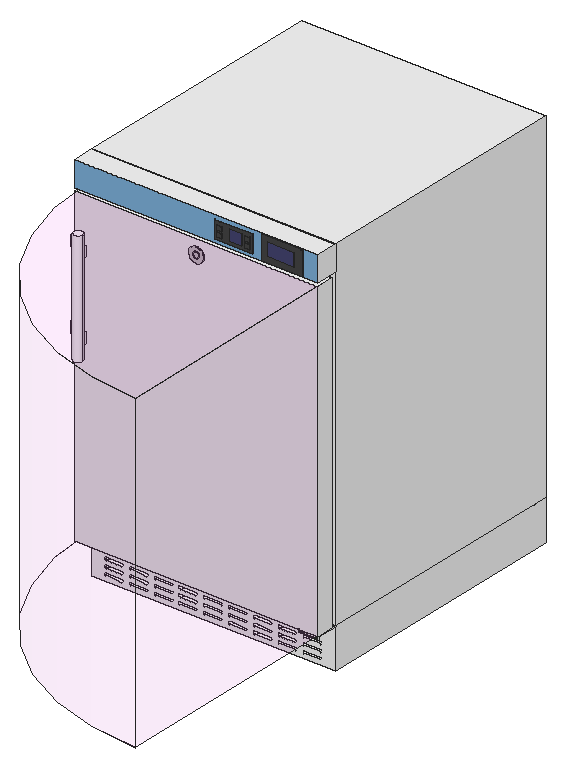
Revit family "QF_Summit_ACF33L_Built_In_Undercounter_Frost_Freezer", category Specialty Equipment, Revit 2020
Family settings
  Round Connector Dimension = Use Diameter
  Part Type = Normal
  Work Plane-Based = No
  Always vertical = Yes
  Cut with Voids When Loaded = No
  Shared = No
  Room Calculation Point = No
Parameters
  Weight in Pounds = 81
  Watts = Volts * FL Amps  # 230 W
  Volts = 115 V
  URL Cutsheet = ""
  Specification by User = ""
  Specification by Manufacturer = ""
  Serial Number = ""
  Seismic Rating = ""
  SMACNA No = ""
  Revision Code = ""
  Refrigerant Volume = 0.00 kip
  Refrigerant Type = "R600a"
  Phase = 1
  Number of Poles = 1
  NAFEM Spec ID Number = ""
  Model = "ACF33L"
  Min Ckt Ampacity = 0 A
  Max Overcurrent Protection = 0 A
  Masterspec = ""
  Manufacturer = "Summit"
  Length = 19 1/2"
  Item Number = ""
  Installed By = ""
  Identify Quantity as Lot = yes
  Height = 31.38"
  HP = ""
  Furnished By = ""
  Foodservice Equipment Identifier = yes
  FL Amps = 2 A
  Electrical Remarks = ""
  Electric Connection Type = ""
  Elec Conn RI Height = 0"
  Elec Conn Connection Height = 0"
  Description = "Built In Undercounter Frost Freezer"
  Depth = 22 3/4"
  Default Elevation = 0"
  Cycle = 60 Hz
  Conn Plug = ""
  Conn Conduit = yes
  CSI MasterFormat = ""
  BTUH = 0.0 Btu/h
  Apparent Power = 0 VA
Reference planes (in)
  plane 1 "BACK": y = 0
  plane 2: z = 0
  plane 3 "LEFT": x = 0
  plane 4 "RIGHT": x = 19.5
  plane 5 "FRONT": y = -22.75
  plane 6 "TOP": z = 31.38
  plane 7 "Center Y": x = 9.75
  plane 8 "Center X": y = -11.375
Dimensions and locks (in)
  equal spacing: plane 3 "LEFT", plane 7 "Center Y", plane 4 "RIGHT"
  "Length": plane 3 "LEFT" to plane 4 "RIGHT"
  equal spacing: plane 5 "FRONT", plane 8 "Center X", plane 1 "BACK"
  "Depth": plane 5 "FRONT" to plane 1 "BACK"
  "Height": plane 6 "TOP" to level
  aligned and locked: level to plane 2
Nested families (in)
  nested 1: "ACF33L" at (0, 0, 0), type "ACF33L"
Connectors (in)
  electrical at (16.66892, 0.03125, 1.62455), driven by "Volts", driven by "Watts"
    settings: on nested 1, index 1, voltage 115 V, apparent load 230 VA, apparent load phase1 0 VA, apparent load phase2 0 VA, apparent load phase3 0 VA, power factor 1, load classification "Other", number of poles 1, system type 30, power factor state 1, is connector primary yes, connector utility no, sub classification motor no, connector description "ELECTRICAL CONNECTION"
Definition of nested family "ACF33L"
  Parameters (values of type "ACF33L")
    Weight in Pounds = 0
    URL Cutsheet = ""
    Specification by User = ""
    Specification by Manufacturer = ""
    Show Clearance = yes
    Serial Number = ""
    Seismic Rating = ""
    SMACNA No = ""
    Revision Code = ""
    NAFEM Spec ID Number = ""
    Masterspec = ""
    Length = 19 1/2"
    Item Number = ""
    Installed By = ""
    Identify Quantity as Lot = yes
    Height = 31.38"
    Furnished By = ""
    Foodservice Equipment Identifier = yes
    Depth = 22 3/4"
    Default Elevation = 0"
    CSI MasterFormat = ""
  Reference planes (in)
    plane 1 "BACK": y = 0
    plane 2: z = 0
    plane 3 "LEFT": x = 0
    plane 4 "RIGHT": x = 19.5
    plane 5 "FRONT": y = -22.75
    plane 6 "TOP": z = 31.38
    plane 7 "Center Y": x = 9.75
    plane 8 "Center X": y = -11.375
    plane 9: z = 0.75
    plane 10: z = 4
    plane 11: z = 29.38
    plane 12: y = -41
    plane 13: y = -21
    plane 14: y = -24.375
  Forms (in)
    Extrusion 1, solid
      sketch origin (-4.32591, -180, 0.75) x (-1, 0, 0) y (0, -1, 0)
        loop
          line (-4.32591, -180) -> (-4.32591, -159) -> (-23.82591, -159) -> (-23.82591, -180) -> (-4.32591, -180)
      from 0 to 3.25
    Extrusion 2, solid
      sketch origin (-4.32591, -180, 4) x (-1, 0, 0) y (0, -1, 0)
        loop
          line (-4.32591, -180) -> (-4.32591, -159) -> (-23.82591, -159) -> (-23.82591, -180) -> (-4.32591, -180)
      from 0 to 27.38
    Extrusion 3, solid
      sketch origin (-4.32591, -180, 4) x (-1, 0, 0) y (0, -1, 0)
        loop
          line (-4.32591, -157.25) -> (-23.82591, -157.25) -> (-23.82591, -158.63015) -> (-4.32591, -158.63015) -> (-4.32591, -157.25)
      from 0 to 25.109
    Extrusion 4, solid
      sketch origin (-4.32591, -180, 31.38) x (-1, 0, 0) y (0, -1, 0)
        loop
          line (-4.32591, -157.25) -> (-23.82591, -157.25) -> (-23.82591, -159) -> (-4.32591, -159) -> (-4.32591, -157.25)
      from 0 to -2
    Extrusion 5, solid
      sketch origin (0, -22.75, 31.38) x (1, 0, 0) y (0, 0, 1)
        loop
          line (11.25204, -0.33513) -> (11.25204, -1.74025) -> (14.25204, -1.74025) -> (14.25204, -0.33513) -> (11.25204, -0.33513)
        loop
          line (14.97209, -0.04012) -> (14.97209, -1.96875) -> (18.2979, -1.96875) -> (18.2979, -0.04012) -> (14.97209, -0.04012)
      from 0 to 0.03125
    Extrusion 6, solid
      sketch origin (0, -22.78125, 31.38) x (1, 0, 0) y (0, 0, 1)
        loop
          line (12.46929, -0.5712) -> (12.46929, -1.481) -> (13.46929, -1.481) -> (13.46929, -0.5712) -> (12.46929, -0.5712)
      from 0 to 0.03125
    Extrusion 7, solid
      sketch origin (0, -22.78125, 31.38) x (1, 0, 0) y (0, 0, 1)
        loop
          line (15.49183, -0.45082) -> (15.49183, -1.53247) -> (17.61468, -1.53247) -> (17.61468, -0.45082) -> (15.49183, -0.45082)
      from 0 to 0.03125
    Extrusion 8, solid
      sketch origin (0, -22.78125, 31.38) x (1, 0, 0) y (0, 0, 1)
        loop
          line (11.44501, -0.63278) -> (11.44501, -1.00078) -> (11.81219, -1.00078) -> (11.81219, -0.63278) -> (11.44501, -0.63278)
        loop
          line (11.44501, -1.13278) -> (11.44501, -1.49997) -> (11.81219, -1.49997) -> (11.81219, -1.13278) -> (11.44501, -1.13278)
        loop
          line (13.66924, -0.63278) -> (13.66924, -1.00078) -> (14.03643, -1.00078) -> (14.03643, -0.63278) -> (13.66924, -0.63278)
        loop
          line (13.66924, -1.13278) -> (13.66924, -1.49997) -> (14.03643, -1.49997) -> (14.03643, -1.13278) -> (13.66924, -1.13278)
      from 0 to 0.03125
    Extrusion 9, solid
      sketch origin (0, -22.75, 4) x (1, 0, 0) y (0, 0, 1)
        loop
          circle (9.75, 23.97413) r 0.59563
        loop
          circle (9.75, 23.97413) r 0.25
      from 0 to 0.03125
    Extrusion 10, solid
      sketch origin (0, -22.75, 4) x (1, 0, 0) y (0, 0, 1)
        loop
          circle (9.75, 23.97413) r 0.24796
      from 0 to 0.03125
    Extrusion 11, void
      sketch origin (20.29013, -21, 0.75) x (1, 0, 0) y (0, 0, -1)
        loop
          line (-19.13077, -2.91529) -> (-17.88077, -2.91529)
          arc (-17.88077, -2.91529) -> (-17.75577, -2.79029) -> (-17.88077, -2.66529) r 0.125
          line (-17.88077, -2.66529) -> (-19.13077, -2.66529)
          arc (-19.13077, -2.66529) -> (-19.25577, -2.79029) -> (-19.13077, -2.91529) r 0.125
        loop
          line (-19.13077, -2.32154) -> (-17.88077, -2.32154)
          arc (-17.88077, -2.32154) -> (-17.75577, -2.19654) -> (-17.88077, -2.07154) r 0.125
          line (-17.88077, -2.07154) -> (-19.13077, -2.07154)
          arc (-19.13077, -2.07154) -> (-19.25577, -2.19654) -> (-19.13077, -2.32154) r 0.125
        loop
          line (-19.13077, -1.75904) -> (-17.88077, -1.75904)
          arc (-17.88077, -1.75904) -> (-17.75577, -1.63404) -> (-17.88077, -1.50904) r 0.125
          line (-17.88077, -1.50904) -> (-19.13077, -1.50904)
          arc (-19.13077, -1.50904) -> (-19.25577, -1.63404) -> (-19.13077, -1.75904) r 0.125
        loop
          line (-19.13077, -1.18489) -> (-17.88077, -1.18489)
          arc (-17.88077, -1.18489) -> (-17.75577, -1.05989) -> (-17.88077, -0.93489) r 0.125
          line (-17.88077, -0.93489) -> (-19.13077, -0.93489)
          arc (-19.13077, -0.93489) -> (-19.25577, -1.05989) -> (-19.13077, -1.18489) r 0.125
        loop
          line (-19.13077, -0.62239) -> (-17.88077, -0.62239)
          arc (-17.88077, -0.62239) -> (-17.75577, -0.49739) -> (-17.88077, -0.37239) r 0.125
          line (-17.88077, -0.37239) -> (-19.13077, -0.37239)
          arc (-19.13077, -0.37239) -> (-19.25577, -0.49739) -> (-19.13077, -0.62239) r 0.125
        loop
          line (-17.13077, -2.91529) -> (-15.88077, -2.91529)
          arc (-15.88077, -2.91529) -> (-15.75577, -2.79029) -> (-15.88077, -2.66529) r 0.125
          line (-15.88077, -2.66529) -> (-17.13077, -2.66529)
          arc (-17.13077, -2.66529) -> (-17.25577, -2.79029) -> (-17.13077, -2.91529) r 0.125
        loop
          line (-17.13077, -2.32154) -> (-15.88077, -2.32154)
          arc (-15.88077, -2.32154) -> (-15.75577, -2.19654) -> (-15.88077, -2.07154) r 0.125
          line (-15.88077, -2.07154) -> (-17.13077, -2.07154)
          arc (-17.13077, -2.07154) -> (-17.25577, -2.19654) -> (-17.13077, -2.32154) r 0.125
        loop
          line (-17.13077, -1.75904) -> (-15.88077, -1.75904)
          arc (-15.88077, -1.75904) -> (-15.75577, -1.63404) -> (-15.88077, -1.50904) r 0.125
          line (-15.88077, -1.50904) -> (-17.13077, -1.50904)
          arc (-17.13077, -1.50904) -> (-17.25577, -1.63404) -> (-17.13077, -1.75904) r 0.125
        loop
          line (-17.13077, -1.18489) -> (-15.88077, -1.18489)
          arc (-15.88077, -1.18489) -> (-15.75577, -1.05989) -> (-15.88077, -0.93489) r 0.125
          line (-15.88077, -0.93489) -> (-17.13077, -0.93489)
          arc (-17.13077, -0.93489) -> (-17.25577, -1.05989) -> (-17.13077, -1.18489) r 0.125
        loop
          line (-17.13077, -0.62239) -> (-15.88077, -0.62239)
          arc (-15.88077, -0.62239) -> (-15.75577, -0.49739) -> (-15.88077, -0.37239) r 0.125
          line (-15.88077, -0.37239) -> (-17.13077, -0.37239)
          arc (-17.13077, -0.37239) -> (-17.25577, -0.49739) -> (-17.13077, -0.62239) r 0.125
        loop
          line (-15.13077, -2.91529) -> (-13.88077, -2.91529)
          arc (-13.88077, -2.91529) -> (-13.75577, -2.79029) -> (-13.88077, -2.66529) r 0.125
          line (-13.88077, -2.66529) -> (-15.13077, -2.66529)
          arc (-15.13077, -2.66529) -> (-15.25577, -2.79029) -> (-15.13077, -2.91529) r 0.125
        loop
          line (-15.13077, -2.32154) -> (-13.88077, -2.32154)
          arc (-13.88077, -2.32154) -> (-13.75577, -2.19654) -> (-13.88077, -2.07154) r 0.125
          line (-13.88077, -2.07154) -> (-15.13077, -2.07154)
          arc (-15.13077, -2.07154) -> (-15.25577, -2.19654) -> (-15.13077, -2.32154) r 0.125
        loop
          line (-15.13077, -1.75904) -> (-13.88077, -1.75904)
          arc (-13.88077, -1.75904) -> (-13.75577, -1.63404) -> (-13.88077, -1.50904) r 0.125
          line (-13.88077, -1.50904) -> (-15.13077, -1.50904)
          arc (-15.13077, -1.50904) -> (-15.25577, -1.63404) -> (-15.13077, -1.75904) r 0.125
        loop
          line (-15.13077, -1.18489) -> (-13.88077, -1.18489)
          arc (-13.88077, -1.18489) -> (-13.75577, -1.05989) -> (-13.88077, -0.93489) r 0.125
          line (-13.88077, -0.93489) -> (-15.13077, -0.93489)
          arc (-15.13077, -0.93489) -> (-15.25577, -1.05989) -> (-15.13077, -1.18489) r 0.125
        loop
          line (-15.13077, -0.62239) -> (-13.88077, -0.62239)
          arc (-13.88077, -0.62239) -> (-13.75577, -0.49739) -> (-13.88077, -0.37239) r 0.125
          line (-13.88077, -0.37239) -> (-15.13077, -0.37239)
          arc (-15.13077, -0.37239) -> (-15.25577, -0.49739) -> (-15.13077, -0.62239) r 0.125
        loop
          line (-13.22452, -2.91529) -> (-11.97452, -2.91529)
          arc (-11.97452, -2.91529) -> (-11.84952, -2.79029) -> (-11.97452, -2.66529) r 0.125
          line (-11.97452, -2.66529) -> (-13.22452, -2.66529)
          arc (-13.22452, -2.66529) -> (-13.34952, -2.79029) -> (-13.22452, -2.91529) r 0.125
        loop
          line (-13.22452, -2.32154) -> (-11.97452, -2.32154)
          arc (-11.97452, -2.32154) -> (-11.84952, -2.19654) -> (-11.97452, -2.07154) r 0.125
          line (-11.97452, -2.07154) -> (-13.22452, -2.07154)
          arc (-13.22452, -2.07154) -> (-13.34952, -2.19654) -> (-13.22452, -2.32154) r 0.125
        loop
          line (-13.22452, -1.75904) -> (-11.97452, -1.75904)
          arc (-11.97452, -1.75904) -> (-11.84952, -1.63404) -> (-11.97452, -1.50904) r 0.125
          line (-11.97452, -1.50904) -> (-13.22452, -1.50904)
          arc (-13.22452, -1.50904) -> (-13.34952, -1.63404) -> (-13.22452, -1.75904) r 0.125
        loop
          line (-13.22452, -1.18489) -> (-11.97452, -1.18489)
          arc (-11.97452, -1.18489) -> (-11.84952, -1.05989) -> (-11.97452, -0.93489) r 0.125
          line (-11.97452, -0.93489) -> (-13.22452, -0.93489)
          arc (-13.22452, -0.93489) -> (-13.34952, -1.05989) -> (-13.22452, -1.18489) r 0.125
        loop
          line (-13.22452, -0.62239) -> (-11.97452, -0.62239)
          arc (-11.97452, -0.62239) -> (-11.84952, -0.49739) -> (-11.97452, -0.37239) r 0.125
          line (-11.97452, -0.37239) -> (-13.22452, -0.37239)
          arc (-13.22452, -0.37239) -> (-13.34952, -0.49739) -> (-13.22452, -0.62239) r 0.125
        loop
          line (-11.22763, -2.91529) -> (-9.97763, -2.91529)
          arc (-9.97763, -2.91529) -> (-9.85263, -2.79029) -> (-9.97763, -2.66529) r 0.125
          line (-9.97763, -2.66529) -> (-11.22763, -2.66529)
          arc (-11.22763, -2.66529) -> (-11.35263, -2.79029) -> (-11.22763, -2.91529) r 0.125
        loop
          line (-11.22763, -2.32154) -> (-9.97763, -2.32154)
          arc (-9.97763, -2.32154) -> (-9.85263, -2.19654) -> (-9.97763, -2.07154) r 0.125
          line (-9.97763, -2.07154) -> (-11.22763, -2.07154)
          arc (-11.22763, -2.07154) -> (-11.35263, -2.19654) -> (-11.22763, -2.32154) r 0.125
        loop
          line (-11.22763, -1.75904) -> (-9.97763, -1.75904)
          arc (-9.97763, -1.75904) -> (-9.85263, -1.63404) -> (-9.97763, -1.50904) r 0.125
          line (-9.97763, -1.50904) -> (-11.22763, -1.50904)
          arc (-11.22763, -1.50904) -> (-11.35263, -1.63404) -> (-11.22763, -1.75904) r 0.125
        loop
          line (-11.22763, -1.18489) -> (-9.97763, -1.18489)
          arc (-9.97763, -1.18489) -> (-9.85263, -1.05989) -> (-9.97763, -0.93489) r 0.125
          line (-9.97763, -0.93489) -> (-11.22763, -0.93489)
          arc (-11.22763, -0.93489) -> (-11.35263, -1.05989) -> (-11.22763, -1.18489) r 0.125
        loop
          line (-11.22763, -0.62239) -> (-9.97763, -0.62239)
          arc (-9.97763, -0.62239) -> (-9.85263, -0.49739) -> (-9.97763, -0.37239) r 0.125
          line (-9.97763, -0.37239) -> (-11.22763, -0.37239)
          arc (-11.22763, -0.37239) -> (-11.35263, -0.49739) -> (-11.22763, -0.62239) r 0.125
        loop
          line (-9.22763, -2.91529) -> (-7.97763, -2.91529)
          arc (-7.97763, -2.91529) -> (-7.85263, -2.79029) -> (-7.97763, -2.66529) r 0.125
          line (-7.97763, -2.66529) -> (-9.22763, -2.66529)
          arc (-9.22763, -2.66529) -> (-9.35263, -2.79029) -> (-9.22763, -2.91529) r 0.125
        loop
          line (-9.22763, -2.32154) -> (-7.97763, -2.32154)
          arc (-7.97763, -2.32154) -> (-7.85263, -2.19654) -> (-7.97763, -2.07154) r 0.125
          line (-7.97763, -2.07154) -> (-9.22763, -2.07154)
          arc (-9.22763, -2.07154) -> (-9.35263, -2.19654) -> (-9.22763, -2.32154) r 0.125
        loop
          line (-9.22763, -1.75904) -> (-7.97763, -1.75904)
          arc (-7.97763, -1.75904) -> (-7.85263, -1.63404) -> (-7.97763, -1.50904) r 0.125
          line (-7.97763, -1.50904) -> (-9.22763, -1.50904)
          arc (-9.22763, -1.50904) -> (-9.35263, -1.63404) -> (-9.22763, -1.75904) r 0.125
        loop
          line (-9.22763, -1.18489) -> (-7.97763, -1.18489)
          arc (-7.97763, -1.18489) -> (-7.85263, -1.05989) -> (-7.97763, -0.93489) r 0.125
          line (-7.97763, -0.93489) -> (-9.22763, -0.93489)
          arc (-9.22763, -0.93489) -> (-9.35263, -1.05989) -> (-9.22763, -1.18489) r 0.125
        loop
          line (-9.22763, -0.62239) -> (-7.97763, -0.62239)
          arc (-7.97763, -0.62239) -> (-7.85263, -0.49739) -> (-7.97763, -0.37239) r 0.125
          line (-7.97763, -0.37239) -> (-9.22763, -0.37239)
          arc (-9.22763, -0.37239) -> (-9.35263, -0.49739) -> (-9.22763, -0.62239) r 0.125
        loop
          line (-7.22763, -2.91529) -> (-5.97763, -2.91529)
          arc (-5.97763, -2.91529) -> (-5.85263, -2.79029) -> (-5.97763, -2.66529) r 0.125
          line (-5.97763, -2.66529) -> (-7.22763, -2.66529)
          arc (-7.22763, -2.66529) -> (-7.35263, -2.79029) -> (-7.22763, -2.91529) r 0.125
        loop
          line (-7.22763, -2.32154) -> (-5.97763, -2.32154)
          arc (-5.97763, -2.32154) -> (-5.85263, -2.19654) -> (-5.97763, -2.07154) r 0.125
          line (-5.97763, -2.07154) -> (-7.22763, -2.07154)
          arc (-7.22763, -2.07154) -> (-7.35263, -2.19654) -> (-7.22763, -2.32154) r 0.125
        loop
          line (-7.22763, -1.75904) -> (-5.97763, -1.75904)
          arc (-5.97763, -1.75904) -> (-5.85263, -1.63404) -> (-5.97763, -1.50904) r 0.125
          line (-5.97763, -1.50904) -> (-7.22763, -1.50904)
          arc (-7.22763, -1.50904) -> (-7.35263, -1.63404) -> (-7.22763, -1.75904) r 0.125
        loop
          line (-7.22763, -1.18489) -> (-5.97763, -1.18489)
          arc (-5.97763, -1.18489) -> (-5.85263, -1.05989) -> (-5.97763, -0.93489) r 0.125
          line (-5.97763, -0.93489) -> (-7.22763, -0.93489)
          arc (-7.22763, -0.93489) -> (-7.35263, -1.05989) -> (-7.22763, -1.18489) r 0.125
        loop
          line (-7.22763, -0.62239) -> (-5.97763, -0.62239)
          arc (-5.97763, -0.62239) -> (-5.85263, -0.49739) -> (-5.97763, -0.37239) r 0.125
          line (-5.97763, -0.37239) -> (-7.22763, -0.37239)
          arc (-7.22763, -0.37239) -> (-7.35263, -0.49739) -> (-7.22763, -0.62239) r 0.125
        loop
          line (-5.25567, -2.91529) -> (-4.00567, -2.91529)
          arc (-4.00567, -2.91529) -> (-3.88067, -2.79029) -> (-4.00567, -2.66529) r 0.125
          line (-4.00567, -2.66529) -> (-5.25567, -2.66529)
          arc (-5.25567, -2.66529) -> (-5.38067, -2.79029) -> (-5.25567, -2.91529) r 0.125
        loop
          line (-5.25567, -2.32154) -> (-4.00567, -2.32154)
          arc (-4.00567, -2.32154) -> (-3.88067, -2.19654) -> (-4.00567, -2.07154) r 0.125
          line (-4.00567, -2.07154) -> (-5.25567, -2.07154)
          arc (-5.25567, -2.07154) -> (-5.38067, -2.19654) -> (-5.25567, -2.32154) r 0.125
        loop
          line (-5.25567, -1.75904) -> (-4.00567, -1.75904)
          arc (-4.00567, -1.75904) -> (-3.88067, -1.63404) -> (-4.00567, -1.50904) r 0.125
          line (-4.00567, -1.50904) -> (-5.25567, -1.50904)
          arc (-5.25567, -1.50904) -> (-5.38067, -1.63404) -> (-5.25567, -1.75904) r 0.125
        loop
          line (-5.25567, -1.18489) -> (-4.00567, -1.18489)
          arc (-4.00567, -1.18489) -> (-3.88067, -1.05989) -> (-4.00567, -0.93489) r 0.125
          line (-4.00567, -0.93489) -> (-5.25567, -0.93489)
          arc (-5.25567, -0.93489) -> (-5.38067, -1.05989) -> (-5.25567, -1.18489) r 0.125
        loop
          line (-5.25567, -0.62239) -> (-4.00567, -0.62239)
          arc (-4.00567, -0.62239) -> (-3.88067, -0.49739) -> (-4.00567, -0.37239) r 0.125
          line (-4.00567, -0.37239) -> (-5.25567, -0.37239)
          arc (-5.25567, -0.37239) -> (-5.38067, -0.49739) -> (-5.25567, -0.62239) r 0.125
        loop
          line (-3.25567, -2.91529) -> (-2.00567, -2.91529)
          arc (-2.00567, -2.91529) -> (-1.88067, -2.79029) -> (-2.00567, -2.66529) r 0.125
          line (-2.00567, -2.66529) -> (-3.25567, -2.66529)
          arc (-3.25567, -2.66529) -> (-3.38067, -2.79029) -> (-3.25567, -2.91529) r 0.125
        loop
          line (-3.25567, -2.32154) -> (-2.00567, -2.32154)
          arc (-2.00567, -2.32154) -> (-1.88067, -2.19654) -> (-2.00567, -2.07154) r 0.125
          line (-2.00567, -2.07154) -> (-3.25567, -2.07154)
          arc (-3.25567, -2.07154) -> (-3.38067, -2.19654) -> (-3.25567, -2.32154) r 0.125
        loop
          line (-3.25567, -1.75904) -> (-2.00567, -1.75904)
          arc (-2.00567, -1.75904) -> (-1.88067, -1.63404) -> (-2.00567, -1.50904) r 0.125
          line (-2.00567, -1.50904) -> (-3.25567, -1.50904)
          arc (-3.25567, -1.50904) -> (-3.38067, -1.63404) -> (-3.25567, -1.75904) r 0.125
        loop
          line (-3.25567, -1.18489) -> (-2.00567, -1.18489)
          arc (-2.00567, -1.18489) -> (-1.88067, -1.05989) -> (-2.00567, -0.93489) r 0.125
          line (-2.00567, -0.93489) -> (-3.25567, -0.93489)
          arc (-3.25567, -0.93489) -> (-3.38067, -1.05989) -> (-3.25567, -1.18489) r 0.125
        loop
          line (-3.25567, -0.62239) -> (-2.00567, -0.62239)
          arc (-2.00567, -0.62239) -> (-1.88067, -0.49739) -> (-2.00567, -0.37239) r 0.125
          line (-2.00567, -0.37239) -> (-3.25567, -0.37239)
          arc (-3.25567, -0.37239) -> (-3.38067, -0.49739) -> (-3.25567, -0.62239) r 0.125
      from 0 to 0.84747
    Extrusion 12, solid
      sketch origin (-2.43959, -180, 26.0675) x (-1, 0, 0) y (0, -1, 0)
        loop
          line (-2.43959, -158.1905) -> (-2.31222, -158.1905) -> (-2.31222, -157.003) -> (-3.2469, -156.34853) -> (-3.93959, -156.34853) -> (-3.93959, -156.47743) -> (-3.28755, -156.47743) -> (-2.43959, -157.07118) -> (-2.43959, -158.1905)
      from 0 to -0.8327
    Extrusion 13, solid
      sketch origin (-2.43959, -180, 19.88) x (-1, 0, 0) y (0, -1, 0)
        loop
          line (-2.43959, -158.1905) -> (-2.31222, -158.1905) -> (-2.31222, -157.003) -> (-3.2469, -156.34853) -> (-3.93959, -156.34853) -> (-3.93959, -156.47743) -> (-3.28755, -156.47743) -> (-2.43959, -157.07118) -> (-2.43959, -158.1905)
      from 0 to -0.8327
    Extrusion 14, solid
      sketch origin (-4.20091, -180, 27.0675) x (-1, 0, 0) y (0, -1, 0)
        loop
          circle (-5.47957, -155.98676) r 0.36176
      from 0 to -9.01696
    Extrusion 15, solid
      sketch origin (-3.52583, -180, 29.38) x (-1, 0, 0) y (0, -1, 0)
        loop
          circle (-22.40083, -157.94008) r 0.25
      from 0 to -0.271
    Extrusion 16, solid
      sketch origin (19.5, 0, 0.75) x (0, -1, 0) y (0, 0, -1)
        loop
          arc (22.71875, -3.25) -> (22.74085, -3.24085) -> (22.75, -3.21875) r 0.03125
          line (22.75, -3.21875) -> (22.75, -3.05792)
          arc (22.75, -3.05792) -> (22.72266, -3.03058) -> (22.69531, -3.05792) r 0.02734
          line (22.69531, -3.05792) -> (22.69531, -3.16358)
          arc (22.69531, -3.16358) -> (22.68627, -3.1854) -> (22.66444, -3.19444) r 0.03087
          line (22.66444, -3.19444) -> (21, -3.19444) -> (21, -3.25) -> (22.71875, -3.25)
      from 0 to -1.52633
    Revolve 17, solid
      sketch origin (0, -17, 0) x (1, 0, 0) y (0, 0, 1)
        loop
          line (1.59718, 0.75) -> (1.59718, 0) -> (2.34718, 0) -> (2.34718, 0.75) -> (1.59718, 0.75)
        axis (1.59718, 0) -> (1.59718, 0.75)
      angle from 0 to 360
    Revolve 18, solid
      sketch origin (19.5, -17, 0) x (-1, 0, 0) y (0, 0, 1)
        loop
          line (1.59718, 0.75) -> (1.59718, 0) -> (2.34718, 0) -> (2.34718, 0.75) -> (1.59718, 0.75)
        axis (1.59718, 0) -> (1.59718, 0.75)
      angle from 0 to 360
    Revolve 19, solid
      sketch origin (0, -4, 0) x (1, 0, 0) y (0, 0, 1)
        loop
          line (1.59718, 0.75) -> (1.59718, 0) -> (2.34718, 0) -> (2.34718, 0.75) -> (1.59718, 0.75)
        axis (1.59718, 0) -> (1.59718, 0.75)
      angle from 0 to 360
    Revolve 20, solid
      sketch origin (19.5, -4, 0) x (-1, 0, 0) y (0, 0, 1)
        loop
          line (1.59718, 0.75) -> (1.59718, 0) -> (2.34718, 0) -> (2.34718, 0.75) -> (1.59718, 0.75)
        axis (1.59718, 0) -> (1.59718, 0.75)
      angle from 0 to 360
    Extrusion 21, solid
      sketch origin (0, 0, 0.75) x (1, 0, 0) y (0, 0, -1)
        loop
          circle (16.66892, -0.87455) r 0.25
      from 0 to 0.03125
    Extrusion 22, solid, visible <- "Show Clearance"
      sketch origin (19.5, -22.75, 4) x (0, 1, 0) y (-1, 0, 0)
        loop
          line (1.38015, 0) -> (1.38015, 19.5)
          arc (1.38015, 19.5) -> (-12.49264, 13.8348) -> (-18.25, 0) r 19.5
          line (-18.25, 0) -> (1.38015, 0)
      from 0 to 25.109
    Extrusion 23, solid
      sketch origin (-4.32591, -180, 4.5) x (-1, 0, 0) y (0, -1, 0)
        loop
          line (-4.83835, -159) -> (-4.83835, -158.63015) -> (-23.38736, -158.63015) -> (-23.38736, -159) -> (-4.83835, -159)
      from 0 to 24.375
  Cuts and joins
    joined: Extrusion 5, Extrusion 8
    Extrusion 11 cuts Extrusion 1
    joined: Extrusion 12, Extrusion 13, Extrusion 14
  Lines and regions (in)
    symbolic lines, visible <- "Show Clearance"
      curve 1: arc (0, -21.36985, 0) -> (0.63298, -26.42968, 0) -> (2.5561, -31.15241, 0) r 19.5
      curve 2: line (19.5, -21.36985, 0) -> (2.5561, -31.15241, 0)
    symbolic lines
      curve 3: line (0, -22.75, 0) -> (19.5, -22.75, 0)
      curve 4: line (0, -21, 0) -> (0, -22.92882, 0)
      curve 5: line (-0.12737, -21.8095, 0) -> (-0.12737, -22.997, 0)
      curve 6: line (0, -21.8095, 0) -> (-0.12737, -21.8095, 0)
      curve 7: line (0.84796, -23.52257, 0) -> (0, -22.92882, 0)
      curve 8: line (-0.12737, -22.997, 0) -> (0.80731, -23.65147, 0)
      curve 9: line (1.5, -23.52257, 0) -> (0.84796, -23.52257, 0)
      curve 10: line (0.80731, -23.65147, 0) -> (1.5, -23.65147, 0)
      curve 11: line (1.5, -23.65147, 0) -> (1.5, -23.52257, 0)
      curve 12: arc (0.91689, -24.01324, 0) -> (1.27866, -24.375, 0) -> (1.64042, -24.01324, 0) r 0.36176
      curve 13: arc (1.64042, -24.01324, 0) -> (1.27866, -23.65147, 0) -> (0.91689, -24.01324, 0) r 0.36176
      curve 14: line (19.5, -22.75, 0) -> (19.5, -21, 0)
      curve 15: line (19.5, -21, 0) -> (0, -21, 0)
      curve 16: line (19.5, -21, 0) -> (19.5, 0, 0)
      curve 17: line (19.5, 0, 0) -> (0, 0, 0)
      curve 18: line (0, 0, 0) -> (0, -21, 0)
  Dimensions and locks (in)
    equal spacing: plane 3 "LEFT", plane 7 "Center Y", plane 4 "RIGHT"
    "Length": plane 3 "LEFT" to plane 4 "RIGHT"
    equal spacing: plane 5 "FRONT", plane 8 "Center X", plane 1 "BACK"
    "Depth": plane 5 "FRONT" to plane 1 "BACK"
    "Height": plane 6 "TOP" to level
    plane 9 to level = 3/4"
    plane 10 to plane 9 = 3 1/4"
    plane 1 "BACK" to plane 12 = 41"
    plane 1 "BACK" to plane 13 = 21"
    plane 5 "FRONT" to plane 14 = 1 5/8"
    aligned and locked: level to plane 2
  Automatic sketch dimensions
    plane 1 "BACK" to Extrusion 1 sketch curve = 0"
    Extrusion 1 sketch curve to plane 4 "RIGHT" = 0"
    Extrusion 1 sketch curve to plane 3 "LEFT" = 0"
    Extrusion 1 sketch curve to plane 13 = 0"
    Extrusion 2 sketch curve to Extrusion 1 = 0"  (x4)
    Extrusion 3 sketch curve to plane 4 "RIGHT" = 0"
    Extrusion 3 sketch curve to plane 3 "LEFT" = 0"
    plane 5 "FRONT" to Extrusion 3 sketch curve = 0"
    Extrusion 3 sketch curve to plane 13 = 0.36985"
    Extrusion 4 sketch curve to Extrusion 2 = 0"  (x3)
    Extrusion 2 to Extrusion 4 sketch curve = 1 3/4"
    Extrusion 4 to Extrusion 5 sketch curve = 0.25975"
    Extrusion 4 to Extrusion 5 sketch curve = 8.24796"
    Extrusion 5 sketch curve to Extrusion 5 sketch curve = 3"
    Extrusion 4 to Extrusion 5 sketch curve = 0.04012"
    Extrusion 5 sketch curve to Extrusion 5 sketch curve = 0.72005"
    Extrusion 4 to Extrusion 5 sketch curve = 1.2021"
    Extrusion 4 to Extrusion 5 sketch curve = 1/32"
    Extrusion 4 to Extrusion 5 sketch curve = 0.33513"
    Extrusion 6 sketch curve to Extrusion 5 = 0.25925"
    Extrusion 6 sketch curve to Extrusion 5 = 1.21725"
    Extrusion 6 sketch curve to Extrusion 5 = 0.78275"
    Extrusion 6 sketch curve to Extrusion 5 = 0.23608"
    Extrusion 7 sketch curve to Extrusion 5 = 0.20779"
    Extrusion 7 sketch curve to Extrusion 5 = 0.51974"
    Extrusion 7 sketch curve to Extrusion 5 = 0.68321"
    Extrusion 7 sketch curve to Extrusion 5 = 0.1157"
    Extrusion 8 sketch curve to Extrusion 5 = 0.19296"  (x2)
    Extrusion 8 sketch curve to Extrusion 8 sketch curve = 47/128"  (x4)
    Extrusion 8 sketch curve to Extrusion 5 = 0.58281"
    Extrusion 8 sketch curve to Extrusion 5 = 0.24028"  (x2)
    Extrusion 8 sketch curve to Extrusion 8 sketch curve = 0"
    Extrusion 8 sketch curve to Extrusion 5 = 0.21562"  (x2)
    Extrusion 8 sketch curve to Extrusion 8 sketch curve = 0.132"  (x2)
    Extrusion 8 sketch curve to Extrusion 5 = 0.29765"  (x2)
    Extrusion 9 sketch curve to Extrusion 9 sketch curve = 0"  (x2)
    Extrusion 3 to Extrusion 9 sketch curve = 1.13486"
    Extrusion 3 to Extrusion 9 sketch curve = 9 3/4"
    Extrusion 3 to Extrusion 10 sketch curve = 1.13486"
    Extrusion 3 to Extrusion 10 sketch curve = 9 3/4"
    Extrusion 11 sketch curve to Extrusion 1 = 0.33471"  (x9)
    Extrusion 11 sketch curve to Extrusion 1 = 1.15935"  (x2)
    Extrusion 11 sketch curve to Extrusion 1 = 0.49739"
    Extrusion 11 sketch curve to Extrusion 11 sketch curve = 0"  (x63)
    Extrusion 11 sketch curve to Extrusion 11 sketch curve = 1 1/4"  (x8)
    Extrusion 11 sketch curve to Extrusion 11 sketch curve = 3/4"  (x10)
    Extrusion 11 sketch curve to Extrusion 11 sketch curve = 21/32"  (x2)
    Extrusion 11 sketch curve to Extrusion 11 sketch curve = 0.7469"  (x2)
    Extrusion 11 sketch curve to Extrusion 11 sketch curve = 0.72195"  (x2)
    Extrusion 1 to Extrusion 11 sketch curve = 1.21555"
    Extrusion 11 sketch curve to Extrusion 11 sketch curve = 1/8"  (x45)
    Extrusion 11 sketch curve to Extrusion 11 sketch curve = 11/32"  (x9)
    Extrusion 11 sketch curve to Extrusion 11 sketch curve = 5/16"  (x17)
    Extrusion 11 sketch curve to Extrusion 11 sketch curve = 0.32415"  (x9)
    Extrusion 12 sketch curve to plane 3 "LEFT" = 0"
    plane 3 "LEFT" to Extrusion 12 sketch curve = 0.80731"
    Extrusion 12 sketch curve to Extrusion 12 sketch curve = 0.04064"
    Extrusion 12 sketch curve to Extrusion 12 sketch curve = 0.65204"
    Extrusion 12 sketch curve to plane 3 "LEFT" = 0.12737"
    Extrusion 12 sketch curve to plane 13 = 0.8095"
    plane 5 "FRONT" to Extrusion 12 sketch curve = 0.17882"
    Extrusion 12 sketch curve to Extrusion 12 sketch curve = 0.06818"
    plane 5 "FRONT" to Extrusion 12 sketch curve = 0.77257"
    Extrusion 12 sketch curve to Extrusion 12 sketch curve = 33/256"
    Extrusion 13 sketch curve to plane 3 "LEFT" = 0"
    plane 3 "LEFT" to Extrusion 13 sketch curve = 0.80731"
    Extrusion 13 sketch curve to Extrusion 13 sketch curve = 0.04064"
    Extrusion 13 sketch curve to Extrusion 13 sketch curve = 0.65204"
    Extrusion 13 sketch curve to plane 3 "LEFT" = 0.12737"
    Extrusion 13 sketch curve to plane 13 = 0.8095"
    plane 5 "FRONT" to Extrusion 13 sketch curve = 0.17882"
    Extrusion 13 sketch curve to Extrusion 13 sketch curve = 0.06818"
    plane 5 "FRONT" to Extrusion 13 sketch curve = 0.77257"
    Extrusion 13 sketch curve to Extrusion 13 sketch curve = 33/256"
    plane 14 to Extrusion 14 sketch curve = 0.36176"
    plane 3 "LEFT" to Extrusion 14 sketch curve = 1.27866"
    plane 4 "RIGHT" to Extrusion 15 sketch curve = 5/8"
    Extrusion 15 sketch curve to plane 5 "FRONT" = 0.69008"
    Extrusion 16 sketch curve to Extrusion 1 = 0"  (x2)
    Extrusion 1 to Extrusion 16 sketch curve = 0.05556"
    Extrusion 16 sketch curve to Extrusion 1 = 1.66444"
    Extrusion 16 sketch curve to Extrusion 16 sketch curve = 0.03087"
    Extrusion 16 sketch curve to Extrusion 16 sketch curve = 0.05431"
    Extrusion 16 sketch curve to Extrusion 16 sketch curve = 7/256"
    Extrusion 16 sketch curve to Extrusion 16 sketch curve = 0.10566"
    Revolve 17 sketch curve to plane 9 = 0"
    Revolve 17 sketch curve to level = 0"  (x2)
    plane 3 "LEFT" to Revolve 17 sketch curve = 1.59718"
    Revolve 17 sketch curve to Revolve 17 sketch curve = 3/4"
    Revolve 17 sketch curve to Revolve 17 sketch curve = 0"
    Revolve 17 sketch curve to Revolve 17 sketch curve = 3/8"
    Revolve 18 sketch curve to plane 9 = 0"
    Revolve 18 sketch curve to level = 0"  (x2)
    Revolve 18 sketch curve to plane 4 "RIGHT" = 1.59718"
    Revolve 18 sketch curve to Revolve 18 sketch curve = 3/4"
    Revolve 18 sketch curve to Revolve 18 sketch curve = 0"
    Revolve 18 sketch curve to Revolve 18 sketch curve = 3/8"
    Revolve 19 sketch curve to plane 9 = 0"
    Revolve 19 sketch curve to level = 0"  (x2)
    plane 3 "LEFT" to Revolve 19 sketch curve = 1.59718"
    Revolve 19 sketch curve to Revolve 19 sketch curve = 3/4"
    Revolve 19 sketch curve to Revolve 19 sketch curve = 0"
    Revolve 19 sketch curve to Revolve 19 sketch curve = 3/8"
    Revolve 20 sketch curve to plane 9 = 0"
    Revolve 20 sketch curve to level = 0"  (x2)
    Revolve 20 sketch curve to plane 4 "RIGHT" = 1.59718"
    Revolve 20 sketch curve to Revolve 20 sketch curve = 3/4"
    Revolve 20 sketch curve to Revolve 20 sketch curve = 0"
    Revolve 20 sketch curve to Revolve 20 sketch curve = 3/8"
    Extrusion 1 to Extrusion 21 sketch curve = 0.87455"
    Extrusion 21 sketch curve to Extrusion 1 = 2.83108"
    Extrusion 23 sketch curve to plane 13 = 0"
    plane 4 "RIGHT" to Extrusion 23 sketch curve = 0.43855"
    plane 3 "LEFT" to Extrusion 23 sketch curve = 0.51243"
    Extrusion 23 sketch curve to Extrusion 23 sketch curve = 0.36985"
    Extrusion 22 sketch curve to Extrusion 16 = 0"
    Extrusion 16 to Extrusion 22 sketch curve = 18 9/32"
    Extrusion 16 to Extrusion 22 sketch curve = 0.00043"
    Extrusion 22 sketch curve to Extrusion 16 = 1/2"
    Extrusion 22 sketch curve to Extrusion 16 = 0.36985"
    curve 2 to plane 4 "RIGHT" = 0"
    plane 4 "RIGHT" to curve 1 = 0.00043"
    plane 3 "LEFT" to curve 2 = 2.5561"
    curve 2 to plane 14 = 6.77741"
    curve 1 to curve 2 = 0.13015"
    plane 5 "FRONT" to curve 3 = 0"
    curve 5 to plane 3 "LEFT" = 0.12737"
    plane 5 "FRONT" to curve 5 = 0.247"
    curve 5 to curve 4 = 0.06818"
    plane 3 "LEFT" to curve 7 = 0.84796"
    plane 5 "FRONT" to curve 7 = 0.77257"
    curve 8 to curve 7 = 0.04064"
    curve 8 to curve 7 = 33/256"
    curve 9 to curve 9 = 0.65204"
    curve 12 to curve 10 = 0.22134"
    plane 14 to curve 13 = 0.36176"
    curve 13 to curve 12 = 0.36176"
    curve 14 to plane 13 = 0"
    plane 1 "BACK" to curve 16 = 0"
    curve 17 to plane 3 "LEFT" = 0"
    curve 6 to plane 13 = 0.8095"
    curve 1 to curve 14 = 1/2"
    radius of Extrusion 9 sketch curve = 0.59563"
    radius of Extrusion 9 sketch curve = 1/4"
    radius of Extrusion 10 sketch curve = 0.24796"
    radius of Extrusion 14 sketch curve = 0.36176"
    radius of Extrusion 15 sketch curve = 1/4"
    radius of Extrusion 21 sketch curve = 1/4"
